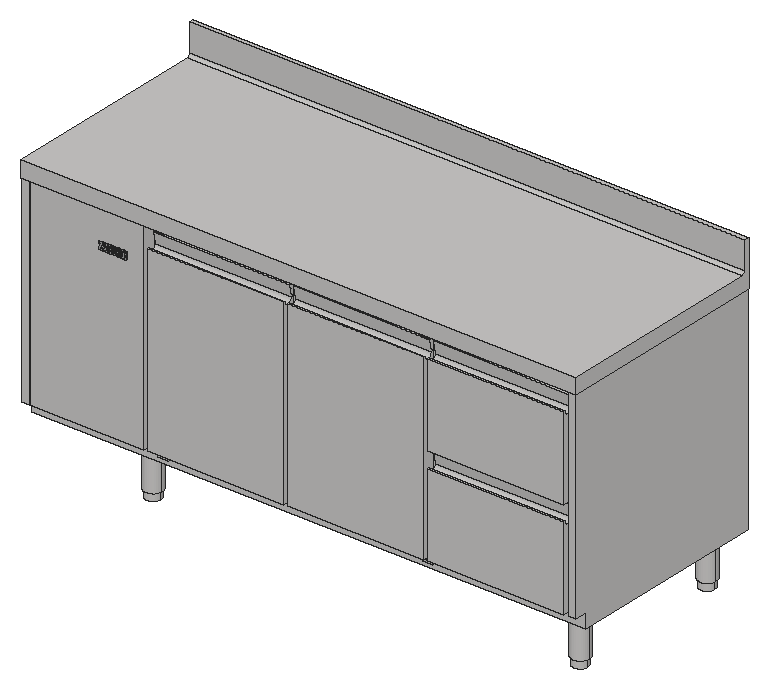
Revit family "QF_ZANUSSI_111042_ZH3H3AAB", category Specialty Equipment, Revit 2018 (continued)
Definition of nested family "ZAN_Cooling Unit"
  Lines and regions (mm)
    Split face 123
      outline origin (55.016, 2, -221.122) x (0, 0, 1) y (-1, 0, 0)
        loop
          line (510.649, 116.535) -> (510.649, 158.547)
    Split face 124
      outline origin (55.016, 2, -233.126) x (0, 0, 1) y (-1, 0, 0)
        loop
          arc (510.649, 158.547) -> (506.648, 162.548) -> (502.647, 158.547) r 4.001
          line (502.647, 158.547) -> (502.647, 116.535)
          arc (502.647, 116.535) -> (506.648, 112.533) -> (510.649, 116.535) r 4.001
          line (510.649, 116.535) -> (510.649, 158.547)
    Split face 125
      outline origin (55.016, 2, -245.129) x (0, 0, 1) y (-1, 0, 0)
        loop
          arc (510.649, 158.547) -> (506.648, 162.548) -> (502.647, 158.547) r 4.001
          line (502.647, 158.547) -> (502.647, 116.535)
          arc (502.647, 116.535) -> (506.648, 112.533) -> (510.649, 116.535) r 4.001
          line (510.649, 116.535) -> (510.649, 158.547)
    Split face 126
      outline origin (55.016, 2, -257.133) x (0, 0, 1) y (-1, 0, 0)
        loop
          arc (510.649, 158.547) -> (506.648, 162.548) -> (502.647, 158.547) r 4.001
          line (502.647, 158.547) -> (502.647, 116.535)
          arc (502.647, 116.535) -> (506.648, 112.533) -> (510.649, 116.535) r 4.001
          line (510.649, 116.535) -> (510.649, 158.547)
    Split face 127
      outline origin (55.016, 2, -269.136) x (0, 0, 1) y (-1, 0, 0)
        loop
          arc (510.649, 158.547) -> (506.648, 162.548) -> (502.647, 158.547) r 4.001
          line (502.647, 158.547) -> (502.647, 116.535)
          arc (502.647, 116.535) -> (506.648, 112.533) -> (510.649, 116.535) r 4.001
          line (510.649, 116.535) -> (510.649, 158.547)
    Split face 128
      outline origin (55.016, 2, -281.14) x (0, 0, 1) y (-1, 0, 0)
        loop
          arc (510.649, 158.547) -> (506.648, 162.548) -> (502.647, 158.547) r 4.001
          line (502.647, 158.547) -> (502.647, 116.535)
          arc (502.647, 116.535) -> (506.648, 112.533) -> (510.649, 116.535) r 4.001
          line (510.649, 116.535) -> (510.649, 158.547)
    Split face 129
      outline origin (55.016, 2, -293.144) x (0, 0, 1) y (-1, 0, 0)
        loop
          arc (510.649, 158.547) -> (506.648, 162.548) -> (502.647, 158.547) r 4.001
          line (502.647, 158.547) -> (502.647, 116.535)
          arc (502.647, 116.535) -> (506.648, 112.533) -> (510.649, 116.535) r 4.001
          line (510.649, 116.535) -> (510.649, 158.547)
    Split face 130
      outline origin (110.032, 2, -113.091) x (0, 0, 1) y (-1, 0, 0)
        loop
          arc (510.649, 158.547) -> (506.648, 162.548) -> (502.647, 158.547) r 4.001
          line (502.647, 158.547) -> (502.647, 116.535)
          arc (502.647, 116.535) -> (506.648, 112.533) -> (510.649, 116.535) r 4.001
          line (510.649, 116.535) -> (510.649, 158.547)
    Split face 131
      outline origin (110.032, 2, -125.094) x (0, 0, 1) y (-1, 0, 0)
        loop
          arc (510.649, 158.547) -> (506.648, 162.548) -> (502.647, 158.547) r 4.001
          line (502.647, 158.547) -> (502.647, 116.535)
          arc (502.647, 116.535) -> (506.648, 112.533) -> (510.649, 116.535) r 4.001
          line (510.649, 116.535) -> (510.649, 158.547)
    Split face 132
      outline origin (110.032, 2, -137.098) x (0, 0, 1) y (-1, 0, 0)
        loop
          arc (510.649, 158.547) -> (506.648, 162.548) -> (502.647, 158.547) r 4.001
          line (502.647, 158.547) -> (502.647, 116.535)
          arc (502.647, 116.535) -> (506.648, 112.533) -> (510.649, 116.535) r 4.001
          line (510.649, 116.535) -> (510.649, 158.547)
    Split face 133
      outline origin (110.032, 2, -149.101) x (0, 0, 1) y (-1, 0, 0)
        loop
          arc (510.649, 158.547) -> (506.648, 162.548) -> (502.647, 158.547) r 4.001
          line (502.647, 158.547) -> (502.647, 116.535)
          arc (502.647, 116.535) -> (506.648, 112.533) -> (510.649, 116.535) r 4.001
          line (510.649, 116.535) -> (510.649, 158.547)
    Split face 134
      outline origin (110.032, 2, -161.105) x (0, 0, 1) y (-1, 0, 0)
        loop
          arc (510.649, 158.547) -> (506.648, 162.548) -> (502.647, 158.547) r 4.001
          line (502.647, 158.547) -> (502.647, 116.535)
          arc (502.647, 116.535) -> (506.648, 112.533) -> (510.649, 116.535) r 4.001
          line (510.649, 116.535) -> (510.649, 158.547)
    Split face 135
      outline origin (110.032, 2, -173.108) x (0, 0, 1) y (-1, 0, 0)
        loop
          arc (510.649, 158.547) -> (506.648, 162.548) -> (502.647, 158.547) r 4.001
          line (502.647, 158.547) -> (502.647, 116.535)
          arc (502.647, 116.535) -> (506.648, 112.533) -> (510.649, 116.535) r 4.001
          line (510.649, 116.535) -> (510.649, 158.547)
    Split face 136
      outline origin (110.032, 2, -185.112) x (0, 0, 1) y (-1, 0, 0)
        loop
          arc (510.649, 158.547) -> (506.648, 162.548) -> (502.647, 158.547) r 4.001
          line (502.647, 158.547) -> (502.647, 116.535)
          arc (502.647, 116.535) -> (506.648, 112.533) -> (510.649, 116.535) r 4.001
          line (510.649, 116.535) -> (510.649, 158.547)
    Split face 137
      outline origin (110.032, 2, -197.115) x (0, 0, 1) y (-1, 0, 0)
        loop
          arc (510.649, 158.547) -> (506.648, 162.548) -> (502.647, 158.547) r 4.001
          line (502.647, 158.547) -> (502.647, 116.535)
          arc (502.647, 116.535) -> (506.648, 112.533) -> (510.649, 116.535) r 4.001
          line (510.649, 116.535) -> (510.649, 158.547)
    Split face 138
      outline origin (110.032, 2, -209.119) x (0, 0, 1) y (-1, 0, 0)
        loop
          arc (510.649, 158.547) -> (506.648, 162.548) -> (502.647, 158.547) r 4.001
          line (502.647, 158.547) -> (502.647, 116.535)
          arc (502.647, 116.535) -> (506.648, 112.533) -> (510.649, 116.535) r 4.001
          line (510.649, 116.535) -> (510.649, 158.547)
    Split face 139
      outline origin (110.032, 2, -221.122) x (0, 0, 1) y (-1, 0, 0)
        loop
          arc (510.649, 158.547) -> (506.648, 162.548) -> (502.647, 158.547) r 4.001
          line (502.647, 158.547) -> (502.647, 116.535)
          arc (502.647, 116.535) -> (506.648, 112.533) -> (510.649, 116.535) r 4.001
          line (510.649, 116.535) -> (510.649, 158.547)
    Split face 140
      outline origin (110.032, 2, -233.126) x (0, 0, 1) y (-1, 0, 0)
        loop
          arc (510.649, 158.547) -> (506.648, 162.548) -> (502.647, 158.547) r 4.001
          line (502.647, 158.547) -> (502.647, 116.535)
          arc (502.647, 116.535) -> (506.648, 112.533) -> (510.649, 116.535) r 4.001
          line (510.649, 116.535) -> (510.649, 158.547)
    Split face 141
      outline origin (110.032, 2, -245.129) x (0, 0, 1) y (-1, 0, 0)
        loop
          arc (510.649, 158.547) -> (506.648, 162.548) -> (502.647, 158.547) r 4.001
          line (502.647, 158.547) -> (502.647, 116.535)
          arc (502.647, 116.535) -> (506.648, 112.533) -> (510.649, 116.535) r 4.001
          line (510.649, 116.535) -> (510.649, 158.547)
    Split face 142
      outline origin (110.032, 2, -257.133) x (0, 0, 1) y (-1, 0, 0)
        loop
          arc (510.649, 158.547) -> (506.648, 162.548) -> (502.647, 158.547) r 4.001
          line (502.647, 158.547) -> (502.647, 116.535)
          arc (502.647, 116.535) -> (506.648, 112.533) -> (510.649, 116.535) r 4.001
          line (510.649, 116.535) -> (510.649, 158.547)
    Split face 143
      outline origin (110.032, 2, -269.136) x (0, 0, 1) y (-1, 0, 0)
        loop
          arc (510.649, 158.547) -> (506.648, 162.548) -> (502.647, 158.547) r 4.001
          line (502.647, 158.547) -> (502.647, 116.535)
          arc (502.647, 116.535) -> (506.648, 112.533) -> (510.649, 116.535) r 4.001
          line (510.649, 116.535) -> (510.649, 158.547)
    Split face 144
      outline origin (110.032, 2, -281.14) x (0, 0, 1) y (-1, 0, 0)
        loop
          arc (510.649, 158.547) -> (506.648, 162.548) -> (502.647, 158.547) r 4.001
          line (502.647, 158.547) -> (502.647, 116.535)
          arc (502.647, 116.535) -> (506.648, 112.533) -> (510.649, 116.535) r 4.001
          line (510.649, 116.535) -> (510.649, 158.547)
    Split face 145
      outline origin (110.032, 2, -293.144) x (0, 0, 1) y (-1, 0, 0)
        loop
          arc (510.649, 158.547) -> (506.648, 162.548) -> (502.647, 158.547) r 4.001
          line (502.647, 158.547) -> (502.647, 116.535)
          arc (502.647, 116.535) -> (506.648, 112.533) -> (510.649, 116.535) r 4.001
          line (510.649, 116.535) -> (510.649, 158.547)
    Split face 146
      outline origin (165.048, 2, -113.091) x (0, 0, 1) y (-1, 0, 0)
        loop
          arc (510.649, 158.547) -> (506.648, 162.548) -> (502.647, 158.547) r 4.001
          line (502.647, 158.547) -> (502.647, 116.535)
          arc (502.647, 116.535) -> (506.648, 112.533) -> (510.649, 116.535) r 4.001
          line (510.649, 116.535) -> (510.649, 158.547)
    Split face 147
      outline origin (165.048, 2, -125.094) x (0, 0, 1) y (-1, 0, 0)
        loop
          arc (510.649, 158.547) -> (506.648, 162.548) -> (502.647, 158.547) r 4.001
          line (502.647, 158.547) -> (502.647, 116.535)
          arc (502.647, 116.535) -> (506.648, 112.533) -> (510.649, 116.535) r 4.001
          line (510.649, 116.535) -> (510.649, 158.547)
    Split face 148
      outline origin (165.048, 2, -137.098) x (0, 0, 1) y (-1, 0, 0)
        loop
          arc (510.649, 158.547) -> (506.648, 162.548) -> (502.647, 158.547) r 4.001
          line (502.647, 158.547) -> (502.647, 116.535)
          arc (502.647, 116.535) -> (506.648, 112.533) -> (510.649, 116.535) r 4.001
          line (510.649, 116.535) -> (510.649, 158.547)
    Split face 149
      outline origin (165.048, 2, -149.101) x (0, 0, 1) y (-1, 0, 0)
        loop
          arc (510.649, 158.547) -> (506.648, 162.548) -> (502.647, 158.547) r 4.001
          line (502.647, 158.547) -> (502.647, 116.535)
          arc (502.647, 116.535) -> (506.648, 112.533) -> (510.649, 116.535) r 4.001
          line (510.649, 116.535) -> (510.649, 158.547)
    Split face 150
      outline origin (165.048, 2, -161.105) x (0, 0, 1) y (-1, 0, 0)
        loop
          arc (510.649, 158.547) -> (506.648, 162.548) -> (502.647, 158.547) r 4.001
          line (502.647, 158.547) -> (502.647, 116.535)
          arc (502.647, 116.535) -> (506.648, 112.533) -> (510.649, 116.535) r 4.001
          line (510.649, 116.535) -> (510.649, 158.547)
    Split face 151
      outline origin (165.048, 2, -173.108) x (0, 0, 1) y (-1, 0, 0)
        loop
          arc (510.649, 158.547) -> (506.648, 162.548) -> (502.647, 158.547) r 4.001
          line (502.647, 158.547) -> (502.647, 116.535)
          arc (502.647, 116.535) -> (506.648, 112.533) -> (510.649, 116.535) r 4.001
          line (510.649, 116.535) -> (510.649, 158.547)
    Split face 152
      outline origin (165.048, 2, -185.112) x (0, 0, 1) y (-1, 0, 0)
        loop
          arc (510.649, 158.547) -> (506.648, 162.548) -> (502.647, 158.547) r 4.001
          line (502.647, 158.547) -> (502.647, 116.535)
          arc (502.647, 116.535) -> (506.648, 112.533) -> (510.649, 116.535) r 4.001
          line (510.649, 116.535) -> (510.649, 158.547)
    Split face 153
      outline origin (165.048, 2, -197.115) x (0, 0, 1) y (-1, 0, 0)
        loop
          arc (510.649, 158.547) -> (506.648, 162.548) -> (502.647, 158.547) r 4.001
          line (502.647, 158.547) -> (502.647, 116.535)
          arc (502.647, 116.535) -> (506.648, 112.533) -> (510.649, 116.535) r 4.001
          line (510.649, 116.535) -> (510.649, 158.547)
    Split face 154
      outline origin (165.048, 2, -209.119) x (0, 0, 1) y (-1, 0, 0)
        loop
          arc (510.649, 158.547) -> (506.648, 162.548) -> (502.647, 158.547) r 4.001
          line (502.647, 158.547) -> (502.647, 116.535)
          arc (502.647, 116.535) -> (506.648, 112.533) -> (510.649, 116.535) r 4.001
          line (510.649, 116.535) -> (510.649, 158.547)
    Split face 155
      outline origin (165.048, 2, -221.122) x (0, 0, 1) y (-1, 0, 0)
        loop
          arc (510.649, 158.547) -> (506.648, 162.548) -> (502.647, 158.547) r 4.001
          line (502.647, 158.547) -> (502.647, 116.535)
          arc (502.647, 116.535) -> (506.648, 112.533) -> (510.649, 116.535) r 4.001
          line (510.649, 116.535) -> (510.649, 158.547)
    Split face 156
      outline origin (165.048, 2, -233.126) x (0, 0, 1) y (-1, 0, 0)
        loop
          arc (510.649, 158.547) -> (506.648, 162.548) -> (502.647, 158.547) r 4.001
          line (502.647, 158.547) -> (502.647, 116.535)
          arc (502.647, 116.535) -> (506.648, 112.533) -> (510.649, 116.535) r 4.001
          line (510.649, 116.535) -> (510.649, 158.547)
    Split face 157
      outline origin (165.048, 2, -245.129) x (0, 0, 1) y (-1, 0, 0)
        loop
          arc (510.649, 158.547) -> (506.648, 162.548) -> (502.647, 158.547) r 4.001
          line (502.647, 158.547) -> (502.647, 116.535)
          arc (502.647, 116.535) -> (506.648, 112.533) -> (510.649, 116.535) r 4.001
          line (510.649, 116.535) -> (510.649, 158.547)
    Split face 158
      outline origin (165.048, 2, -257.133) x (0, 0, 1) y (-1, 0, 0)
        loop
          arc (510.649, 158.547) -> (506.648, 162.548) -> (502.647, 158.547) r 4.001
          line (502.647, 158.547) -> (502.647, 116.535)
          arc (502.647, 116.535) -> (506.648, 112.533) -> (510.649, 116.535) r 4.001
          line (510.649, 116.535) -> (510.649, 158.547)
    Split face 159
      outline origin (165.048, 2, -269.136) x (0, 0, 1) y (-1, 0, 0)
        loop
          arc (510.649, 158.547) -> (506.648, 162.548) -> (502.647, 158.547) r 4.001
          line (502.647, 158.547) -> (502.647, 116.535)
          arc (502.647, 116.535) -> (506.648, 112.533) -> (510.649, 116.535) r 4.001
          line (510.649, 116.535) -> (510.649, 158.547)
    Split face 160
      outline origin (165.048, 2, -281.14) x (0, 0, 1) y (-1, 0, 0)
        loop
          arc (510.649, 158.547) -> (506.648, 162.548) -> (502.647, 158.547) r 4.001
          line (502.647, 158.547) -> (502.647, 116.535)
          arc (502.647, 116.535) -> (506.648, 112.533) -> (510.649, 116.535) r 4.001
          line (510.649, 116.535) -> (510.649, 158.547)
    Split face 161
      outline origin (165.048, 2, -293.144) x (0, 0, 1) y (-1, 0, 0)
        loop
          arc (510.649, 158.547) -> (506.648, 162.548) -> (502.647, 158.547) r 4.001
          line (502.647, 158.547) -> (502.647, 116.535)
          arc (502.647, 116.535) -> (506.648, 112.533) -> (510.649, 116.535) r 4.001
          line (510.649, 116.535) -> (510.649, 158.547)
    Split face 162
      outline origin (220.064, 2, -113.091) x (0, 0, 1) y (-1, 0, 0)
        loop
          arc (510.649, 158.547) -> (506.648, 162.548) -> (502.647, 158.547) r 4.001
          line (502.647, 158.547) -> (502.647, 116.535)
          arc (502.647, 116.535) -> (506.648, 112.533) -> (510.649, 116.535) r 4.001
          line (510.649, 116.535) -> (510.649, 158.547)
    Split face 163
      outline origin (220.064, 2, -125.094) x (0, 0, 1) y (-1, 0, 0)
        loop
          arc (510.649, 158.547) -> (506.648, 162.548) -> (502.647, 158.547) r 4.001
          line (502.647, 158.547) -> (502.647, 116.535)
          arc (502.647, 116.535) -> (506.648, 112.533) -> (510.649, 116.535) r 4.001
          line (510.649, 116.535) -> (510.649, 158.547)
    Split face 164
      outline origin (220.064, 2, -137.098) x (0, 0, 1) y (-1, 0, 0)
        loop
          arc (510.649, 158.547) -> (506.648, 162.548) -> (502.647, 158.547) r 4.001
          line (502.647, 158.547) -> (502.647, 116.535)
          arc (502.647, 116.535) -> (506.648, 112.533) -> (510.649, 116.535) r 4.001
          line (510.649, 116.535) -> (510.649, 158.547)
    Split face 165
      outline origin (220.064, 2, -149.101) x (0, 0, 1) y (-1, 0, 0)
        loop
          arc (510.649, 158.547) -> (506.648, 162.548) -> (502.647, 158.547) r 4.001
          line (502.647, 158.547) -> (502.647, 116.535)
          arc (502.647, 116.535) -> (506.648, 112.533) -> (510.649, 116.535) r 4.001
          line (510.649, 116.535) -> (510.649, 158.547)
    Split face 166
      outline origin (220.064, 2, -161.105) x (0, 0, 1) y (-1, 0, 0)
        loop
          arc (510.649, 158.547) -> (506.648, 162.548) -> (502.647, 158.547) r 4.001
          line (502.647, 158.547) -> (502.647, 116.535)
          arc (502.647, 116.535) -> (506.648, 112.533) -> (510.649, 116.535) r 4.001
          line (510.649, 116.535) -> (510.649, 158.547)
    Split face 167
      outline origin (220.064, 2, -173.108) x (0, 0, 1) y (-1, 0, 0)
        loop
          arc (510.649, 158.547) -> (506.648, 162.548) -> (502.647, 158.547) r 4.001
          line (502.647, 158.547) -> (502.647, 116.535)
          arc (502.647, 116.535) -> (506.648, 112.533) -> (510.649, 116.535) r 4.001
          line (510.649, 116.535) -> (510.649, 158.547)
    Split face 168
      outline origin (220.064, 2, -185.112) x (0, 0, 1) y (-1, 0, 0)
        loop
          arc (510.649, 158.547) -> (506.648, 162.548) -> (502.647, 158.547) r 4.001
          line (502.647, 158.547) -> (502.647, 116.535)
          arc (502.647, 116.535) -> (506.648, 112.533) -> (510.649, 116.535) r 4.001
          line (510.649, 116.535) -> (510.649, 158.547)
    Split face 169
      outline origin (220.064, 2, -197.115) x (0, 0, 1) y (-1, 0, 0)
        loop
          arc (510.649, 158.547) -> (506.648, 162.548) -> (502.647, 158.547) r 4.001
          line (502.647, 158.547) -> (502.647, 116.535)
          arc (502.647, 116.535) -> (506.648, 112.533) -> (510.649, 116.535) r 4.001
          line (510.649, 116.535) -> (510.649, 158.547)
    Split face 170
      outline origin (220.064, 2, -209.119) x (0, 0, 1) y (-1, 0, 0)
        loop
          arc (510.649, 158.547) -> (506.648, 162.548) -> (502.647, 158.547) r 4.001
          line (502.647, 158.547) -> (502.647, 116.535)
          arc (502.647, 116.535) -> (506.648, 112.533) -> (510.649, 116.535) r 4.001
          line (510.649, 116.535) -> (510.649, 158.547)
    Split face 171
      outline origin (220.064, 2, -221.122) x (0, 0, 1) y (-1, 0, 0)
        loop
          arc (510.649, 158.547) -> (506.648, 162.548) -> (502.647, 158.547) r 4.001
          line (502.647, 158.547) -> (502.647, 116.535)
          arc (502.647, 116.535) -> (506.648, 112.533) -> (510.649, 116.535) r 4.001
          line (510.649, 116.535) -> (510.649, 158.547)
    Split face 172
      outline origin (220.064, 2, -233.126) x (0, 0, 1) y (-1, 0, 0)
        loop
          arc (510.649, 158.547) -> (506.648, 162.548) -> (502.647, 158.547) r 4.001
          line (502.647, 158.547) -> (502.647, 116.535)
          arc (502.647, 116.535) -> (506.648, 112.533) -> (510.649, 116.535) r 4.001
          line (510.649, 116.535) -> (510.649, 158.547)
    Split face 173
      outline origin (220.064, 2, -245.129) x (0, 0, 1) y (-1, 0, 0)
        loop
          arc (510.649, 158.547) -> (506.648, 162.548) -> (502.647, 158.547) r 4.001
          line (502.647, 158.547) -> (502.647, 116.535)
          arc (502.647, 116.535) -> (506.648, 112.533) -> (510.649, 116.535) r 4.001
          line (510.649, 116.535) -> (510.649, 158.547)
    Split face 174
      outline origin (220.064, 2, -257.133) x (0, 0, 1) y (-1, 0, 0)
        loop
          arc (510.649, 158.547) -> (506.648, 162.548) -> (502.647, 158.547) r 4.001
          line (502.647, 158.547) -> (502.647, 116.535)
          arc (502.647, 116.535) -> (506.648, 112.533) -> (510.649, 116.535) r 4.001
          line (510.649, 116.535) -> (510.649, 158.547)
    Split face 175
      outline origin (220.064, 2, -269.136) x (0, 0, 1) y (-1, 0, 0)
        loop
          arc (510.649, 158.547) -> (506.648, 162.548) -> (502.647, 158.547) r 4.001
          line (502.647, 158.547) -> (502.647, 116.535)
          arc (502.647, 116.535) -> (506.648, 112.533) -> (510.649, 116.535) r 4.001
          line (510.649, 116.535) -> (510.649, 158.547)
    Split face 176
      outline origin (220.064, 2, -281.14) x (0, 0, 1) y (-1, 0, 0)
        loop
          arc (510.649, 158.547) -> (506.648, 162.548) -> (502.647, 158.547) r 4.001
          line (502.647, 158.547) -> (502.647, 116.535)
          arc (502.647, 116.535) -> (506.648, 112.533) -> (510.649, 116.535) r 4.001
          line (510.649, 116.535) -> (510.649, 158.547)
    Split face 177
      outline origin (220.064, 2, -293.144) x (0, 0, 1) y (-1, 0, 0)
        loop
          arc (510.649, 158.547) -> (506.648, 162.548) -> (502.647, 158.547) r 4.001
          line (502.647, 158.547) -> (502.647, 116.535)
          arc (502.647, 116.535) -> (506.648, 112.533) -> (510.649, 116.535) r 4.001
          line (510.649, 116.535) -> (510.649, 158.547)
    Split face 178
      outline origin (275.081, 2, -113.091) x (0, 0, 1) y (-1, 0, 0)
        loop
          arc (510.649, 158.547) -> (506.648, 162.548) -> (502.647, 158.547) r 4.001
          line (502.647, 158.547) -> (502.647, 116.535)
          arc (502.647, 116.535) -> (506.648, 112.533) -> (510.649, 116.535) r 4.001
          line (510.649, 116.535) -> (510.649, 158.547)
    Split face 179
      outline origin (275.081, 2, -125.094) x (0, 0, 1) y (-1, 0, 0)
        loop
          arc (510.649, 158.547) -> (506.648, 162.548) -> (502.647, 158.547) r 4.001
          line (502.647, 158.547) -> (502.647, 116.535)
          arc (502.647, 116.535) -> (506.648, 112.533) -> (510.649, 116.535) r 4.001
          line (510.649, 116.535) -> (510.649, 158.547)
    Split face 180
      outline origin (275.081, 2, -137.098) x (0, 0, 1) y (-1, 0, 0)
        loop
          arc (510.649, 158.547) -> (506.648, 162.548) -> (502.647, 158.547) r 4.001
          line (502.647, 158.547) -> (502.647, 116.535)
          arc (502.647, 116.535) -> (506.648, 112.533) -> (510.649, 116.535) r 4.001
          line (510.649, 116.535) -> (510.649, 158.547)
    Split face 181
      outline origin (275.081, 2, -149.101) x (0, 0, 1) y (-1, 0, 0)
        loop
          arc (510.649, 158.547) -> (506.648, 162.548) -> (502.647, 158.547) r 4.001
          line (502.647, 158.547) -> (502.647, 116.535)
          arc (502.647, 116.535) -> (506.648, 112.533) -> (510.649, 116.535) r 4.001
          line (510.649, 116.535) -> (510.649, 158.547)
    Split face 182
      outline origin (275.081, 2, -161.105) x (0, 0, 1) y (-1, 0, 0)
        loop
          arc (510.649, 158.547) -> (506.648, 162.548) -> (502.647, 158.547) r 4.001
          line (502.647, 158.547) -> (502.647, 116.535)
          arc (502.647, 116.535) -> (506.648, 112.533) -> (510.649, 116.535) r 4.001
          line (510.649, 116.535) -> (510.649, 158.547)
    Split face 183
      outline origin (275.081, 2, -173.108) x (0, 0, 1) y (-1, 0, 0)
        loop
          arc (510.649, 158.547) -> (506.648, 162.548) -> (502.647, 158.547) r 4.001
          line (502.647, 158.547) -> (502.647, 116.535)
          arc (502.647, 116.535) -> (506.648, 112.533) -> (510.649, 116.535) r 4.001
          line (510.649, 116.535) -> (510.649, 158.547)
    Split face 184
      outline origin (275.081, 2, -185.112) x (0, 0, 1) y (-1, 0, 0)
        loop
          arc (510.649, 158.547) -> (506.648, 162.548) -> (502.647, 158.547) r 4.001
          line (502.647, 158.547) -> (502.647, 116.535)
          arc (502.647, 116.535) -> (506.648, 112.533) -> (510.649, 116.535) r 4.001
          line (510.649, 116.535) -> (510.649, 158.547)
    Split face 185
      outline origin (275.081, 2, -197.115) x (0, 0, 1) y (-1, 0, 0)
        loop
          arc (510.649, 158.547) -> (506.648, 162.548) -> (502.647, 158.547) r 4.001
          line (502.647, 158.547) -> (502.647, 116.535)
          arc (502.647, 116.535) -> (506.648, 112.533) -> (510.649, 116.535) r 4.001
          line (510.649, 116.535) -> (510.649, 158.547)
    Split face 186
      outline origin (275.081, 2, -209.119) x (0, 0, 1) y (-1, 0, 0)
        loop
          arc (510.649, 158.547) -> (506.648, 162.548) -> (502.647, 158.547) r 4.001
          line (502.647, 158.547) -> (502.647, 116.535)
          arc (502.647, 116.535) -> (506.648, 112.533) -> (510.649, 116.535) r 4.001
          line (510.649, 116.535) -> (510.649, 158.547)
    Split face 187
      outline origin (275.081, 2, -221.122) x (0, 0, 1) y (-1, 0, 0)
        loop
          arc (510.649, 158.547) -> (506.648, 162.548) -> (502.647, 158.547) r 4.001
          line (502.647, 158.547) -> (502.647, 116.535)
          arc (502.647, 116.535) -> (506.648, 112.533) -> (510.649, 116.535) r 4.001
          line (510.649, 116.535) -> (510.649, 158.547)
    Split face 188
      outline origin (275.081, 2, -233.126) x (0, 0, 1) y (-1, 0, 0)
        loop
          arc (510.649, 158.547) -> (506.648, 162.548) -> (502.647, 158.547) r 4.001
          line (502.647, 158.547) -> (502.647, 116.535)
          arc (502.647, 116.535) -> (506.648, 112.533) -> (510.649, 116.535) r 4.001
          line (510.649, 116.535) -> (510.649, 158.547)
    Split face 189
      outline origin (275.081, 2, -245.129) x (0, 0, 1) y (-1, 0, 0)
        loop
          arc (510.649, 158.547) -> (506.648, 162.548) -> (502.647, 158.547) r 4.001
          line (502.647, 158.547) -> (502.647, 116.535)
          arc (502.647, 116.535) -> (506.648, 112.533) -> (510.649, 116.535) r 4.001
          line (510.649, 116.535) -> (510.649, 158.547)
    Split face 190
      outline origin (275.081, 2, -257.133) x (0, 0, 1) y (-1, 0, 0)
        loop
          arc (510.649, 158.547) -> (506.648, 162.548) -> (502.647, 158.547) r 4.001
          line (502.647, 158.547) -> (502.647, 116.535)
          arc (502.647, 116.535) -> (506.648, 112.533) -> (510.649, 116.535) r 4.001
          line (510.649, 116.535) -> (510.649, 158.547)
    Split face 191
      outline origin (275.081, 2, -269.136) x (0, 0, 1) y (-1, 0, 0)
        loop
          arc (510.649, 158.547) -> (506.648, 162.548) -> (502.647, 158.547) r 4.001
          line (502.647, 158.547) -> (502.647, 116.535)
          arc (502.647, 116.535) -> (506.648, 112.533) -> (510.649, 116.535) r 4.001
          line (510.649, 116.535) -> (510.649, 158.547)
    Split face 192
      outline origin (275.081, 2, -281.14) x (0, 0, 1) y (-1, 0, 0)
        loop
          arc (510.649, 158.547) -> (506.648, 162.548) -> (502.647, 158.547) r 4.001
          line (502.647, 158.547) -> (502.647, 116.535)
          arc (502.647, 116.535) -> (506.648, 112.533) -> (510.649, 116.535) r 4.001
          line (510.649, 116.535) -> (510.649, 158.547)
    Split face 193
      outline origin (275.081, 2, -293.144) x (0, 0, 1) y (-1, 0, 0)
        loop
          arc (510.649, 158.547) -> (506.648, 162.548) -> (502.647, 158.547) r 4.001
          line (502.647, 158.547) -> (502.647, 116.535)
          arc (502.647, 116.535) -> (506.648, 112.533) -> (510.649, 116.535) r 4.001
          line (510.649, 116.535) -> (510.649, 158.547)
    Split face 194
      outline origin (0, 2, 197) x (0, 0, 1) y (-1, 0, 0)
        loop
          spline (566.835, 20.381) -> (564.628, 19.058) -> (561.987, 18.027) -> (558.955, 17.386) -> (555.581, 17.244) -> (551.912, 17.703) -> (547.993, 18.863) -> (543.871, 20.83) -> (539.591, 23.706) -> (535.202, 27.594) -> (530.748, 32.597) -> (526.28, 38.824) -> (521.835, 46.362)
        loop
          spline (521.835, 58.392) -> (525.386, 49.242) -> (529.197, 41.481) -> (533.2, 35.023) -> (537.329, 29.786) -> (541.516, 25.684) -> (545.695, 22.634) -> (549.798, 20.552) -> (553.759, 19.355) -> (557.511, 18.958) -> (560.984, 19.275) -> (564.115, 20.227) -> (566.835, 21.726)
    Split face 195
      outline origin (0, 2, 197) x (0, 0, 1) y (-1, 0, 0)
        loop
          line (555.835, 149.5) -> (532.835, 149.5) -> (532.835, 94.5) -> (555.835, 94.5) -> (555.835, 149.5)
  Dimensions and locks
    aligned and locked: level to plane 2
  Nested families
    nested 1: "ZAN_Logo_S_Grey" at (85, 2, 741.213) x (1, 0, 0) z (0, -1, 0), visible <- "Show Logo", type "ZAN_Logo_S_Grey"
  Definition of nested family "ZAN_Logo_S_Grey"
    Parameters
      Default Elevation = 0 mm
    Reference planes
      plane 1 "Centro (Fronte/Retro)": y = 0
      plane 2: z = 0
      plane 3 "Centro (Sinistra/Destra)": x = 0
    Forms (mm)
      Extrusion 1, solid
        sketch origin (0, 0, 0) x (1, 0, 0) y (0, 1, 0)
          loop
            line (-1219.2, 1219.2) -> (-1219.2, -1219.2) -> (1219.2, -1219.2) -> (1219.2, 1219.2) -> (-1219.2, 1219.2)
        from 0 to -304.8
      Extrusion 2, solid
        sketch origin (17.793, -46.218, 0) x (-1, 0, 0) y (0, -1, 0)
          loop
            spline (-4.176, -58.079) -> (-3.496, -58.328) -> (-2.793, -58.512) -> (-2.075, -58.63) -> (-1.348, -58.682) -> (-0.619, -58.669) -> (0.106, -58.588) -> (0.818, -58.44) -> (1.512, -58.225) -> (2.18, -57.941) -> (2.817, -57.589) -> (3.414, -57.167) -> (3.966, -56.676)
            spline (3.966, -56.676) -> (4.293, -56.162) -> (4.575, -55.61) -> (4.81, -55.026) -> (5, -54.419) -> (5.146, -53.797) -> (5.247, -53.166) -> (5.304, -52.536) -> (5.318, -51.913) -> (5.288, -51.306) -> (5.217, -50.723) -> (5.103, -50.17) -> (4.949, -49.657)
            line (4.949, -49.657) -> (2.702, -46.428) -> (0.316, -44.323)
            spline (0.316, -44.323) -> (0.065, -44.115) -> (-0.195, -43.909) -> (-0.46, -43.704) -> (-0.729, -43.496) -> (-0.997, -43.282) -> (-1.263, -43.059) -> (-1.523, -42.825) -> (-1.774, -42.576) -> (-2.013, -42.309) -> (-2.238, -42.022) -> (-2.445, -41.712) -> (-2.632, -41.375)
            spline (-2.632, -41.375) -> (-2.666, -41.159) -> (-2.697, -40.934) -> (-2.722, -40.701) -> (-2.736, -40.465) -> (-2.736, -40.227) -> (-2.72, -39.989) -> (-2.682, -39.754) -> (-2.621, -39.524) -> (-2.533, -39.302) -> (-2.414, -39.091) -> (-2.261, -38.892) -> (-2.07, -38.708)
            line (-2.07, -38.708) -> (-0.245, -38.567)
            spline (-0.245, -38.567) -> (0.096, -38.8) -> (0.354, -39.074) -> (0.54, -39.381) -> (0.664, -39.716) -> (0.738, -40.073) -> (0.772, -40.445) -> (0.777, -40.825) -> (0.763, -41.208) -> (0.742, -41.588) -> (0.723, -41.957) -> (0.718, -42.309) -> (0.737, -42.638)
            line (0.737, -42.638) -> (5.65, -42.638)
            spline (5.65, -42.638) -> (5.708, -42.042) -> (5.741, -41.448) -> (5.747, -40.857) -> (5.723, -40.273) -> (5.668, -39.696) -> (5.58, -39.129) -> (5.457, -38.574) -> (5.297, -38.032) -> (5.098, -37.506) -> (4.857, -36.997) -> (4.574, -36.508) -> (4.247, -36.041)
            spline (4.247, -36.041) -> (3.844, -35.675) -> (3.409, -35.35) -> (2.946, -35.065) -> (2.458, -34.819) -> (1.949, -34.612) -> (1.421, -34.444) -> (0.88, -34.314) -> (0.326, -34.221) -> (-0.234, -34.165) -> (-0.8, -34.146) -> (-1.366, -34.163) -> (-1.93, -34.216)
            spline (-1.93, -34.216) -> (-2.526, -34.309) -> (-3.116, -34.448) -> (-3.695, -34.633) -> (-4.259, -34.861) -> (-4.801, -35.131) -> (-5.316, -35.444) -> (-5.799, -35.798) -> (-6.245, -36.191) -> (-6.648, -36.624) -> (-7.002, -37.095) -> (-7.303, -37.603) -> (-7.545, -38.146)
            spline (-7.545, -38.146) -> (-7.694, -38.815) -> (-7.792, -39.487) -> (-7.839, -40.158) -> (-7.836, -40.824) -> (-7.785, -41.482) -> (-7.685, -42.129) -> (-7.539, -42.762) -> (-7.347, -43.377) -> (-7.111, -43.97) -> (-6.83, -44.538) -> (-6.506, -45.078) -> (-6.141, -45.586)
            line (-6.141, -45.586) -> (-0.526, -50.64) -> (0.176, -51.482)
            spline (0.176, -51.482) -> (0.248, -51.66) -> (0.323, -51.843) -> (0.397, -52.03) -> (0.467, -52.22) -> (0.529, -52.412) -> (0.579, -52.605) -> (0.615, -52.798) -> (0.633, -52.989) -> (0.63, -53.179) -> (0.601, -53.366) -> (0.545, -53.55) -> (0.456, -53.728)
            spline (0.456, -53.728) -> (0.375, -53.892) -> (0.273, -54.034) -> (0.154, -54.155) -> (0.02, -54.258) -> (-0.126, -54.343) -> (-0.28, -54.412) -> (-0.441, -54.466) -> (-0.604, -54.508) -> (-0.767, -54.537) -> (-0.928, -54.556) -> (-1.082, -54.567) -> (-1.228, -54.57)
            line (-1.228, -54.57) -> (-2.632, -53.587) -> (-2.772, -50.64) -> (-7.405, -50.64)
            spline (-7.405, -50.64) -> (-7.41, -51.031) -> (-7.423, -51.432) -> (-7.44, -51.839) -> (-7.456, -52.251) -> (-7.469, -52.665) -> (-7.475, -53.079) -> (-7.468, -53.489) -> (-7.446, -53.894) -> (-7.404, -54.291) -> (-7.339, -54.679) -> (-7.247, -55.053) -> (-7.123, -55.412)
            spline (-7.123, -55.412) -> (-6.999, -55.693) -> (-6.837, -55.97) -> (-6.643, -56.244) -> (-6.422, -56.509) -> (-6.177, -56.765) -> (-5.913, -57.009) -> (-5.634, -57.238) -> (-5.346, -57.45) -> (-5.051, -57.643) -> (-4.755, -57.814) -> (-4.462, -57.96) -> (-4.176, -58.079)
          loop
            spline (-21.021, -55.552) -> (-20.633, -56.181) -> (-20.177, -56.736) -> (-19.661, -57.217) -> (-19.092, -57.627) -> (-18.478, -57.966) -> (-17.827, -58.237) -> (-17.147, -58.441) -> (-16.446, -58.578) -> (-15.73, -58.652) -> (-15.009, -58.662) -> (-14.29, -58.611) -> (-13.581, -58.5)
            spline (-13.581, -58.5) -> (-13.088, -58.407) -> (-12.595, -58.269) -> (-12.109, -58.088) -> (-11.636, -57.866) -> (-11.183, -57.605) -> (-10.756, -57.307) -> (-10.361, -56.974) -> (-10.004, -56.608) -> (-9.692, -56.211) -> (-9.431, -55.784) -> (-9.228, -55.33) -> (-9.089, -54.851)
            spline (-9.089, -54.851) -> (-8.873, -54.211) -> (-8.715, -53.559) -> (-8.615, -52.901) -> (-8.574, -52.241) -> (-8.592, -51.585) -> (-8.668, -50.938) -> (-8.802, -50.306) -> (-8.995, -49.693) -> (-9.247, -49.106) -> (-9.557, -48.55) -> (-9.925, -48.03) -> (-10.352, -47.551)
            line (-10.352, -47.551) -> (-15.546, -42.919) -> (-16.669, -41.234)
            spline (-16.669, -41.234) -> (-16.704, -41.021) -> (-16.735, -40.804) -> (-16.761, -40.583) -> (-16.778, -40.361) -> (-16.784, -40.139) -> (-16.774, -39.919) -> (-16.748, -39.701) -> (-16.7, -39.488) -> (-16.63, -39.28) -> (-16.533, -39.08) -> (-16.406, -38.889) -> (-16.248, -38.708)
            line (-16.248, -38.708) -> (-14.844, -38.427)
            spline (-14.844, -38.427) -> (-14.347, -38.545) -> (-13.969, -38.749) -> (-13.695, -39.028) -> (-13.508, -39.368) -> (-13.393, -39.757) -> (-13.335, -40.182) -> (-13.318, -40.63) -> (-13.326, -41.089) -> (-13.344, -41.546) -> (-13.356, -41.988) -> (-13.347, -42.403) -> (-13.3, -42.779)
            line (-13.3, -42.779) -> (-8.387, -42.638)
            spline (-8.387, -42.638) -> (-8.326, -42.034) -> (-8.288, -41.417) -> (-8.277, -40.794) -> (-8.299, -40.169) -> (-8.357, -39.548) -> (-8.457, -38.936) -> (-8.604, -38.339) -> (-8.803, -37.762) -> (-9.058, -37.21) -> (-9.375, -36.689) -> (-9.758, -36.204) -> (-10.212, -35.76)
            spline (-10.212, -35.76) -> (-10.793, -35.336) -> (-11.409, -34.976) -> (-12.054, -34.679) -> (-12.723, -34.445) -> (-13.409, -34.273) -> (-14.107, -34.163) -> (-14.811, -34.115) -> (-15.515, -34.127) -> (-16.213, -34.2) -> (-16.899, -34.333) -> (-17.568, -34.526) -> (-18.213, -34.777)
            spline (-18.213, -34.777) -> (-18.496, -34.897) -> (-18.783, -35.044) -> (-19.071, -35.216) -> (-19.357, -35.412) -> (-19.639, -35.629) -> (-19.915, -35.865) -> (-20.182, -36.119) -> (-20.438, -36.389) -> (-20.681, -36.672) -> (-20.907, -36.967) -> (-21.115, -37.272) -> (-21.301, -37.585)
            spline (-21.301, -37.585) -> (-21.55, -38.26) -> (-21.734, -38.948) -> (-21.854, -39.647) -> (-21.91, -40.351) -> (-21.901, -41.057) -> (-21.828, -41.761) -> (-21.69, -42.459) -> (-21.489, -43.148) -> (-21.222, -43.823) -> (-20.892, -44.48) -> (-20.497, -45.116) -> (-20.038, -45.726)
            line (-20.038, -45.726) -> (-14.142, -51.061) -> (-13.44, -52.886) -> (-14.002, -54.289) -> (-15.265, -54.57) -> (-16.669, -53.587) -> (-16.81, -50.78) -> (-21.582, -50.64)
            spline (-21.582, -50.64) -> (-21.558, -51.063) -> (-21.55, -51.491) -> (-21.554, -51.92) -> (-21.561, -52.35) -> (-21.567, -52.778) -> (-21.565, -53.201) -> (-21.547, -53.619) -> (-21.509, -54.029) -> (-21.444, -54.43) -> (-21.345, -54.818) -> (-21.206, -55.193) -> (-21.021, -55.552)
          loop
            line (-22.424, -34.216) -> (-27.337, -34.216) -> (-27.337, -58.22) -> (-22.424, -58.22) -> (-22.424, -34.216)
          loop
            line (14.213, -39.971) -> (14.213, -58.22) -> (19.126, -58.22) -> (19.126, -42.077) -> (18.845, -38.146) -> (18.424, -37.164) -> (17.442, -35.9) -> (16.459, -35.199) -> (14.494, -34.356) -> (13.511, -34.216) -> (11.265, -34.216) -> (10.142, -34.497) -> (8.458, -35.479) -> (6.493, -38.287) -> (6.352, -39.269) -> (6.352, -58.22) -> (11.265, -58.22) -> (11.265, -40.392) -> (11.827, -39.129) -> (13.371, -38.988) -> (14.213, -39.971)
          loop
            line (20.249, -58.22) -> (24.741, -58.22) -> (24.741, -42.919) -> (28.812, -58.22) -> (34.006, -58.22) -> (34.006, -34.216) -> (29.654, -34.216) -> (29.654, -50.078) -> (25.583, -34.216) -> (20.249, -34.216) -> (20.249, -58.22)
          loop
            line (50.149, -58.22) -> (62.361, -58.22) -> (62.361, -53.728) -> (55.904, -53.868) -> (62.923, -39.129) -> (62.923, -34.216) -> (50.149, -34.216) -> (50.149, -39.129) -> (57.517, -39.129) -> (50.149, -54.149) -> (50.149, -58.22)
          loop
            line (38.778, -58.22) -> (45.516, -58.22) -> (49.868, -34.216) -> (44.814, -34.216) -> (44.113, -38.848) -> (40.042, -38.848) -> (39.34, -34.216) -> (34.286, -34.216) -> (38.778, -58.22)
          loop
            line (43.551, -43.2) -> (40.744, -43.2) -> (42.147, -54.117) -> (43.551, -43.2)
        from 0 to 1.644
    Dimensions and locks
      aligned and locked: plane 2 to Extrusion 1
      aligned and locked: level to Extrusion 1
Definition of nested family "Refrigerator"
  Reference planes
    plane 1 "Center (Front/Back)": y = 0
    plane 2: z = 0
    plane 3 "Center (Left/Right)": x = 0
  Lines and regions (mm)
    detail lines, in view "Ref. Level"
      curve 1: spline (-500, 190, 0) -> (-493.185, 166.706, 0) -> (-473.205, 145, 0) -> (-441.421, 126.36, 0) -> (-400, 112.058, 0) -> (-351.764, 103.067, 0) -> (-300, 100, 0) -> (-248.236, 103.067, 0) -> (-200, 112.058, 0) -> (-158.579, 126.36, 0) -> (-126.795, 145, 0) -> (-106.815, 166.706, 0) -> (-100, 190, 0) -> (-106.815, 213.294, 0) -> (-126.795, 235, 0) -> (-158.579, 253.64, 0) -> (-200, 267.942, 0) -> (-248.236, 276.933, 0) -> (-300, 280, 0) -> (-351.764, 276.933, 0) -> (-400, 267.942, 0) -> (-441.421, 253.64, 0) -> (-473.205, 235, 0) -> (-493.185, 213.294, 0) -> (-500, 190, 0)
      curve 2: line (-300, 130, 0) -> (-300, 250, 0)
      curve 3: line (-351.962, 220, 0) -> (-248.038, 160, 0)
      curve 4: line (-351.962, 160, 0) -> (-248.038, 220, 0)
      curve 5: line (-280.884, 246.873, 0) -> (-300, 225, 0)
      curve 6: line (-300, 225, 0) -> (-319.116, 246.873, 0)
      curve 7: line (-330.311, 207.5, 0) -> (-339.696, 234.992, 0)
      curve 8: line (-358.812, 201.882, 0) -> (-330.311, 207.5, 0)
      curve 9: line (-330.311, 172.5, 0) -> (-358.812, 178.118, 0)
      curve 10: line (-339.696, 145.008, 0) -> (-330.311, 172.5, 0)
      curve 11: line (-300, 155, 0) -> (-319.116, 133.127, 0)
      curve 12: line (-280.884, 133.127, 0) -> (-300, 155, 0)
      curve 13: line (-269.689, 172.5, 0) -> (-260.304, 145.008, 0)
      curve 14: line (-241.188, 178.118, 0) -> (-269.689, 172.5, 0)
      curve 15: line (-269.689, 207.5, 0) -> (-241.188, 201.882, 0)
      curve 16: line (-260.304, 234.992, 0) -> (-269.689, 207.5, 0)
